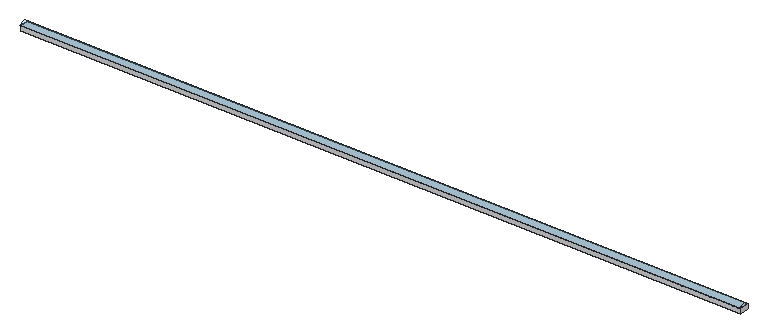
Revit family "277V SENCILLA 5050 IP65_L60277WW", category Luminarias, Revit 2019
Family settings
  Cota de conector redondo = Diámetro de uso
  Tipo de pieza = Normal
  Se basa en plano de trabajo = Sí
  Siempre vertical = No
  Corte con vacíos al cargar = No
  Origen de luz = Sí
  Compartido = No
  Punto de cálculo de habitación = No
Parameters (values of type "277V SENCILLA 5050 IP65_L60277WW")
  Tilt Angle = 60.00°
  Zone [instance] = ""
  Watt per fixture [instance] = (Longitud / 1000 mm) * (6)  # 6
  Wattage = 6 W
  built-in parameter 1150107 = 3000 (stored number, unit not read)
  built-in parameter 1150110 = 1 (stored number, unit not read)
  built-in parameter 1150109 = 1 (stored number, unit not read)
  built-in parameter 1150112 = 1 (stored number, unit not read)
  built-in parameter 1150113 = 1 (stored number, unit not read)
  built-in parameter 1114218 = 1 (stored number, unit not read)
  built-in parameter 1150137 = (empty or 0)
  built-in parameter 1150132 = (empty or 0)
  Modelo = "L60277WW"
  Lámpara = "5050 SMD"
  Longitud de línea de emisión = 600 mm
  Longitud [instance] = 1000 mm
  LCl1 Conector Intermedio [instance] = 0
  LCG2 Funda Termo contractil [instance] = (LCC3 Convertidor de Corriente) * (2)  # 2
  LCF1 Tapa Final [instance] = (LCC3 Convertidor de Corriente) * (1)  # 1
  LCC3 Convertidor de Corriente [instance] = 1
  LCA1 Conector Aguja [instance] = (LCC3 Convertidor de Corriente) * (1)  # 1
  built-in parameter 1150105 = 1246.4 (stored number, unit not read)
  built-in parameter 1150102 = (empty or 0)
  built-in parameter 1150106 = 12.464 (stored number, unit not read)
  Lumens = 3442.86 lm
  Color Filter = 16777215
  built-in parameter 1114217 = 1 (stored number, unit not read)
  built-in parameter 1150139 = (empty or 0)
  Fabricante = "BRILLANT"
  Default Elevation = 0 mm
  built-in parameter 1150104 = 53.309 (stored number, unit not read)
  Descripción = "TIRA LED SENCILLA DE PCB CON RECUBRIMIENTO DE PLASTICO 13MM MONOCROMATICA , CON UNA POTENCIA DE 6W/M DE UN TIPO DE LED 5050 SMD, USO PARA INTERIORES COMO EXTERIORES IP65, IRC80, 60 LEDS POR METRO, PRESENTACION DE 50M, TEMPERATURA EN BLANCO CALIDO 3000K, 573.81 LUMENES POR METRO, EFICIENCIA DE 95.63 LM/W, CORTE A 50CM, ALIMENTADA A 277V, REQUIERE ACCESORIOS COMO CONVERTIDOR DE CORRIENTE (1 POR SEGMENTO DE TIRA), CONECTOR INTERMEDIO (CONSIDERAR EN CORTES DE TIRA O ANGULOS CERRADOS), CONECTOR AGUJA (CONSIDERAR 1PZA PRO CADA CONVERTIDOR), FUNDA TERMOCONTRACTIL (CONSIDERAR 2PZAS POR SEGMENTO DE TIRA), TAPA FINAL (CONSIDERAR 1PZA POR SEGMENTO DE TIRA) Y CLIPS DE SUJECION (CONSIDERAR 4 PZAS POR 1M)"
  built-in parameter 1150115 = 1 (stored number, unit not read)
  built-in parameter 1150114 = 1 (stored number, unit not read)
  Costo USD_L60277 [instance] = (Longitud / 1000 mm) * (16)  # 16
  Cost = 0
  Comentarios de vataje = "277V"
  built-in parameter 1150138 = (empty or 0)
  built-in parameter 1150134 = (empty or 0)
  Circuit [instance] = ""
  Dimming Lamp Color Temperature Shift = (empty or 0)
  CL1 Clips de sujecion [instance] = (Longitud / 1000 mm) * (4)  # 4
  Archivo de red fotométrica = "S2560.W.1_277V SENCILLA 5630 IP65.IES"
  built-in parameter 1150133 = 10 (stored number, unit not read)
Reference planes
  plane 1 "Centro (Frontal/Posterior)": y = 0
  plane 2: z = 0
  plane 3 "Centro (Izquierda/Derecha)": x = 0
  plane 4: x = 0
  plane 5: z = 12
  plane 6: x = -1000
Forms (mm)
  Extrusion 1, solid
    sketch origin (0, 0, 0) x (1, 0, 0) y (0, 1, 0)
      loop
        line (-1000, 6.476) -> (-1000, -6.493) -> (0, -6.493) -> (0, 6.476) -> (-1000, 6.476)
    from 0 to 6.038
  Extrusion 2, solid, material "Cristal"
    sketch origin (0, 0, 0) x (0, 1, 0) y (0, 0, 1)
      loop
        arc (6.5, 6.038) -> (0, 10.038) -> (-6.5, 6.038) r 7.281
        line (-6.5, 6.038) -> (6.5, 6.038)
    from -1000 to 0
Dimensions and locks
  "Longitud": plane 6 to plane 4
  aligned and locked: level to plane 2
  aligned and locked: Extrusion 1 to plane 4
  aligned and locked: plane 6 to Extrusion 1
  aligned and locked: Extrusion 2 to Extrusion 1
  aligned and locked: plane 3 "Centro (Izquierda/Derecha)" to Extrusion 2
  aligned and locked: plane 3 "Centro (Izquierda/Derecha)" to Extrusion 1
Automatic sketch dimensions
  Extrusion 1 sketch curve to plane 6 = 0 mm
  Extrusion 1 sketch curve to plane 3 "Centro (Izquierda/Derecha)" = 0 mm
  plane 1 "Centro (Frontal/Posterior)" to Extrusion 1 sketch curve = 6.493 mm
  Extrusion 1 sketch curve to plane 1 "Centro (Frontal/Posterior)" = 6.476 mm
  level to Extrusion 2 sketch curve = 2.757 mm
  Extrusion 2 sketch curve to plane 1 "Centro (Frontal/Posterior)" = 0 mm
  plane 1 "Centro (Frontal/Posterior)" to Extrusion 2 sketch curve = 6.5 mm
  Extrusion 2 sketch curve to plane 5 = 5.962 mm
Connectors
  electrical at (0, -0.009, 3.019)
    settings: on Extrusion 1, index 1, voltage 277 V, apparent load 0 VA, apparent load phase1 0 VA, apparent load phase2 0 VA, apparent load phase3 0 VA, power factor 1, load classification "Otro", number of poles 1, system type 31, power factor state 1, is connector primary yes, connector utility no, sub classification motor no, connector description ""
